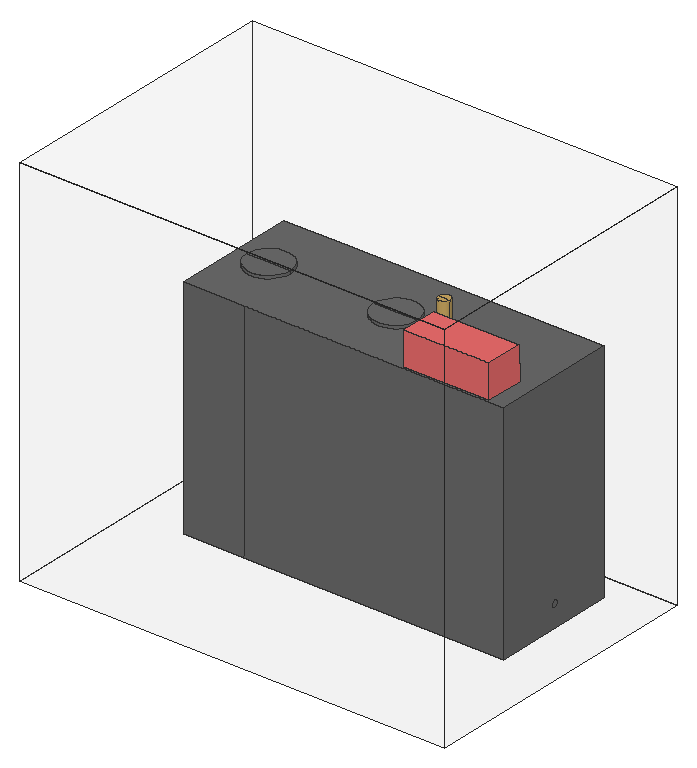
Revit family "Remeha_Gas310EcoPro-355_LOD-3", category Mechanical Equipment, host Face, Revit 2015
Parameters (values of type "Gas 310 Eco Pro - 355")
  Weekly = "0"
  Water Treatment Required = yes
  Water Content = 60.0 L
  Warranty ID = ""
  Voltage = 230 V
  Uniclass2015 = ""
  URL = ""
  Type = "Space heating"
  Turndown Ratio = "5.03:1"
  Supply Phase = 1
  Starting Current = 0 A
  Sound Pressure Level = "56 dBA"
  Shipping Weight = 458.00 kg
  Shape = "Rectangular (Horizontal)"
  Safety Valve Connection Type = "Threaded"
  Safety Valve Connection Size = 40.000 mm
  Responsible Sourcing of Materials = "0"
  Responsible Extraction of Materials = "0"
  Reference Standard = "2009/142 EEC : 92/42/EEC"
  Rated Output = 327000 W
  Rated Criteria = "80/60"
  Quarterly = "0"
  Product Range = "Gas 310 Eco Pro - 355"
  Product Model Number = "90752"
  Product Literature = "https://www.remeha.co.uk/en/Products/Floor-Standing-Range/Gas-310-610-Eco-Pro"
  Primary Fuel = "Gas - NG"
  Overall Width = 716.000 mm
  Overall Length = 1862.000 mm
  Overall Height = 1500.000 mm
  Optional Fuel = "No Optional Fuel"
  Operation and Maintenance Manual = "https://www.remeha.co.uk/en/Products/Floor-Standing-Range/Gas-310-610-Eco-Pro"
  Oil Consumption rate = 0
  Nominal Oil Inlet Pressure = 0.00 bar
  Nominal Gas Inlet Pressure = 0.02 bar
  NOx Emissions = "35 mg/kWh"
  Mounting = "Floor Standing"
  Monthly = "0"
  Model = "Gas 310 Eco Pro - 355"
  Minimum Power Consumption = 6 W
  Minimum Operating Pressure = 0.80 bar
  Minimum Oil Inlet Pressure = 0.00 bar
  Minimum Gas Inlet Pressure = 0.017 bar
  Minimum Flow Rate at 20C temperature differential = 3.91 L/s
  Minimum Flow Rate at 11C temperature differential = 7.11 L/s
  Maximum Power Consumption = 334 W
  Maximum Operating Pressure = 7.00 bar
  Maximum Oil Inlet Pressure = 0.00 bar
  Maximum Gas Inlet Pressure = 0.03 bar
  Material Ingredient Reporting = "0"
  Manufacturer Website = "http://www.remeha.co.uk/"
  Manufacturer = "Remeha Commercial "  # constant formula
  Maintenance Required 8001 to 12000hrs = "0"
  Maintenance Required 601 to 1000hrs = "0"
  Maintenance Required 4001 to 8000hrs = "0"
  Maintenance Required 301 to 600hrs = "0"
  Maintenance Required 2001 to 4000hrs = "0"
  Maintenance Required 1001 to 2000hrs = "0"
  Maintenance Required 0 to 300hrs = "0"
  Location of Manufacturer = "0"
  Life Cycle Analysis = "0"
  Interlocks = yes
  IfcExportType = "NOTDEFINED"  # constant formula
  IfcExportAs = "IfcBoilerType"  # constant formula
  IP Rating = "X1B"
  IK Rating = "0"
  Hydraulic Resistance at 20C temperature differential = 0.11 bar
  Hydraulic Resistance at 11C temperature differential = 0.364 bar
  Heater Operation = "Condensing"
  Heat Exchanger Material = "Aluminium"
  Gross Weight = 458.00 kg
  Green Guide for Specification = "0"
  Gas Consumption rate = "35.2 m3/h"
  Fuse Rating = 10 A
  Full Load Current = 0 A
  Fuel Connection Type = "Threaded"
  Fuel Connection Size = 50.000 mm
  Frequency = 50 Hz
  Flue or Air Intake Classification = "B23, B23P, C33, C53, C63, C83, C93"
  Flue Connection size = 250.000 mm
  Flow and Return Connection Type = "Flanged"
  Flow and Return Connection Size = 80.000 mm
  Finish = "Gloss Grade 70% ISO2813"
  Features = "Remeha's Gas 310 ECO PRO range are compact high efficiency floor standing gas condensing boilers. Ideally suited for single and multiple cascade arrangements for new and refurbishment projects."
  External Material = "Steel"
  Expected Life = "15"
  ErP Seasonal Efficiency = "0 %"
  ErP Rated Efficiency at Part Load = "98.6 %"
  ErP Rated Efficiency at Full Load = "88.3 %"
  ErP Energy Label = "0"
  Environmental Product Declaration = "0"
  Energy Technology List = "https://etl.beis.gov.uk/engetl/fox/live/ETL_PUBLIC_PRODUCT_SEARCH/product?PROD_ID=71166"
  Embodied Carbon = "0"
  Drain Connection Type = "Other"
  Drain Connection Size = 20.000 mm
  Description = ""
  Default Elevation = 0.000 mm  # constant formula
  Daily = "0"
  Control Type = "0 - 10V, Open Therm, Volt free enable, Direct boiler weather compensating control systems available from Remeha as optional extra's."
  Configuration = "Single boiler"
  Condensate Drain Type = "Threaded"
  Condensate Drain Size = 32.000 mm
  Colour = "RAL 2002 Red : RAL 7016 Dark Grey"
  Clearance Box Visibility [instance] = yes
  Classification.Uniclass.Pr.Number [instance] = "Pr_60_60_08_34"
  Classification.Uniclass.Pr.Description [instance] = "Gas fired Condensing Boilers"
  CE Mark = "0063CL3613"
  Burner Control Type = "Modulating"
  Building Regulations Seasonal Efficiency = "96.64 %"
  Bespoke Timeframe = "0"
  BMS Links = yes
  Assembly Code = ""
  Annually = "As Per Attached URL O&M Manual"
  Air Inlet Connection Size = 250.000 mm
  Additional Technical Details = "https://www.remeha.co.uk/en/Products/Floor-Standing-Range/Gas-310-610-Eco-Pro"
  Access Clearance Top = 650.000 mm
  Access Clearance Right = 150.000 mm
  Access Clearance Rear = 300.000 mm
  Access Clearance Left = 800.000 mm
  Access Clearance Front = 800.000 mm
  Access Clearance Bottom = 0.000 mm
  6 Monthly = "0"
Reference planes
  plane 1 "Center (Front/Back)": y = 0
  plane 2: z = 0
  plane 3 "Center (Left/Right)": x = 0
  plane 4: x = -916.5
  plane 5: x = 916.5
  plane 6: y = 358
  plane 7: y = -358
  plane 8: z = 1500
  plane 9: x = -1216.5
  plane 10: x = 1216.5
  plane 11: y = 508
  plane 12: y = -1158
  plane 13: z = 2150
Forms (mm)
  Sweep 1, solid, material "Glass - Clear - Amber", visible <- "Clearance Box Visibility"
    path origin (0, 0, 0) x (1, 0, 0) y (0, 0, 1)
      loop
        line (0, 2150) -> (0, 0)
    profile origin (0, 0, 1075) x (0, -1, 0) y (1, 0, 0)
      loop
        line (-508, -1216.5) -> (1158, -1216.5) -> (1158, 1216.5) -> (-508, 1216.5) -> (-508, -1216.5)
Dimensions and locks
  equal spacing: plane 4, plane 3 "Center (Left/Right)", plane 5
  plane 4 to plane 5 = 1833.000 mm
  equal spacing: plane 7, plane 1 "Center (Front/Back)", plane 6
  plane 7 to plane 6 = 716.000 mm
  plane 8 to level = 1500.000 mm
  plane 9 to plane 4 = 300.000 mm
  plane 5 to plane 10 = 300.000 mm
  plane 11 to plane 6 = 150.000 mm
  plane 12 to plane 7 = 800.000 mm
  plane 13 to plane 8 = 650.000 mm
  nested 1 to level = 1308.201 mm
  equal spacing: plane 6, plane 1 "Center (Front/Back)", plane 7
  aligned and locked: plane 2 to host face
  aligned and locked: level to host face
  aligned and locked: Sweep 1 sketch curve to plane 3 "Center (Left/Right)"
  aligned and locked: plane 13 to Sweep 1 sketch curve
  aligned and locked: level to Sweep 1 sketch curve
  aligned and locked: Sweep 1 sketch curve to plane 11
  aligned and locked: Sweep 1 sketch curve to plane 10
  aligned and locked: plane 9 to Sweep 1 sketch curve
  aligned and locked: Sweep 1 sketch curve to plane 12
  aligned and locked: plane 1 "Center (Front/Back)" to nested 1
  aligned and locked: nested 1 to plane 4
Automatic sketch dimensions
  host sketch curve to host sketch curve = 2438.400 mm  (x2)
Nested families
  nested 1: "Gas 310" at (-154.5, 0, 0), type "Gas 310"
Connectors
  piping at (-918.548, 244.474, 366), diameter 65
    settings: on nested 1, index 3, connector inside diameter 65.000 mm, connector length 0.000 mm, flow factor 0, pipe flow 0 L/s, pressure drop 0.00 bar, fitting loss kfactor 0, connector angle 0.00°, fixture units 0, engagement length 0.000 mm, angle of deflection 0.00°, flow configuration 0, flow direction 2, fitting loss method 0, system type 8, joint type 0, gender type 0, connector reference index -1, connector utility 0, adjustable connector no, is connector primary yes, connector description "Heating Circuit Return"
  piping at (288.352, 0, 1476.07), diameter 65
    settings: on nested 1, index 8, connector inside diameter 65.000 mm, connector length 0.000 mm, flow factor 0, pipe flow 0 L/s, pressure drop 0.00 bar, fitting loss kfactor 0, connector angle 0.00°, fixture units 0, engagement length 0.000 mm, angle of deflection 0.00°, flow configuration 0, flow direction 1, fitting loss method 0, system type 22, joint type 0, gender type 0, connector reference index -1, connector utility 0, adjustable connector no, is connector primary no, connector description "Gas Connection"
  hvac at (9.788, 0, 1308.201)
    settings: on nested 1, index 9, duct flow 0 m³/h, flow factor 0, pres drop 0.00 bar, loss coef 0, conn angle 0.00°, conn width 304.8 mm, conn height 304.8 mm, conn diameter 250 mm, duct sys type 1, conn prof type 0, flow config 0, flow direction 1, loss method 0, conn ref index -1, conn util yes, is conn primary yes, conn desc "Air Intake Connection"
  hvac at (-718.5, 0, 1307.297)
    settings: on nested 1, index 10, duct flow 0 m³/h, flow factor 0, pres drop 0.00 bar, loss coef 0, conn angle 0.00°, conn width 304.8 mm, conn height 304.8 mm, conn diameter 250 mm, duct sys type 2, conn prof type 0, flow config 0, flow direction 2, loss method 0, conn ref index -1, conn util yes, is conn primary no, conn desc "Flue Gas Connection"
  piping at (-918.548, 244.474, 686), diameter 75
    settings: on nested 1, index 11, connector inside diameter 609.600 mm, connector length 0.000 mm, flow factor 0, pipe flow 0 L/s, pressure drop 0.00 bar, fitting loss kfactor 0, connector angle 0.00°, fixture units 0, engagement length 0.000 mm, angle of deflection 0.00°, flow configuration 0, flow direction 0, fitting loss method 0, system type 8, joint type 0, gender type 0, connector reference index -1, connector utility 0, adjustable connector no, is connector primary no, connector description ""
  electrical at (822.284, -240.815, 1388.248)
    settings: on nested 1, index 12, voltage 230 V, apparent load 24 VA, apparent load phase1 0 VA, apparent load phase2 0 VA, apparent load phase3 0 VA, power factor 1, load classification "Power", number of poles 1, system type 30, power factor state 1, is connector primary yes, connector utility yes, sub classification motor yes, connector description "Power"
  piping at (917.294, 0, 128.93), diameter 32
    settings: on nested 1, index 13, connector inside diameter 609.600 mm, connector length 0.000 mm, flow factor 0, pipe flow 0 L/s, pressure drop 0.00 bar, fitting loss kfactor 0, connector angle 0.00°, fixture units 0, engagement length 0.000 mm, angle of deflection 0.00°, flow configuration 0, flow direction 2, fitting loss method 0, system type 16, joint type 0, gender type 0, connector reference index -1, connector utility 1, adjustable connector no, is connector primary no, connector description "Condensates Discharge"
  piping at (-918.548, 244.474, 1023), diameter 80
    settings: on nested 1, index 14, connector inside diameter 609.600 mm, connector length 0.000 mm, flow factor 0, pipe flow 0 L/s, pressure drop 0.00 bar, fitting loss kfactor 0, connector angle 0.00°, fixture units 0, engagement length 0.000 mm, angle of deflection 0.00°, flow configuration 0, flow direction 1, fitting loss method 0, system type 7, joint type 0, gender type 0, connector reference index -1, connector utility 1, adjustable connector no, is connector primary no, connector description "Flow Connection"
Definition of nested family "Gas 310"
  Parameters
    Width A = 1833.000 mm
    Unit = none
    Top Clearance = 400.000 mm  # constant formula
    Text Material = none
    Second Return Pipe Connection_Optional = yes
    Second Return Pipe Connection Visibility = yes
    Return Pipe = 31.750 mm
    Return Connection = none
    Pipe Size = 31.750 mm
    Pipe Material = none
    Side Clearance = 100.000 mm  # constant formula
    Logo = none
    L = 1490.000 mm
    Height = 1500.000 mm  # constant formula
    Handle Offset = (Width A / 2) - 100.000 mm  # 816.500 mm
    Gas Pipe = 31.750 mm
    Gas Connection Pipe = none
    Front Clearance = 700.000 mm  # constant formula
    Door Panel = none
    Depth = 716.000 mm  # constant formula
    Default Elevation = 0.000 mm
    C = 1862.000 mm
    Back Clearnce Note = "300mm refers to singular boiler installations, 600mm refers to modular boiler applications"  # constant formula
    Back Clearnce = 0.000 mm
    B = Width A - 198.000 mm  # 1635.000 mm
    Assembly Code = ""
  Reference planes
    plane 1 "Center (Front/Back)": y = 0
    plane 2: z = 0
    plane 3 "Center (Left/Right)": x = 0
    plane 4: z = 1500
    plane 5: x = 1071
    plane 6: x = -762
    plane 7: y = 358
    plane 8: y = -358
    plane 9: z = 1023
    plane 10: z = 686
    plane 11: z = 366
    plane 12: x = 1081.499
    plane 13: x = -857.948
    plane 14: y = 244.474
    plane 15: z = 447
    plane 16: z = 686
    plane 17: x = -721.476
    plane 18: x = -282.886
    plane 19: x = 385.059
    plane 20: y = -233.136
    plane 21: y = 242.974
    plane 22: x = 813.64
    plane 23: z = 1192.297
    plane 24: x = 717.992
    plane 25: z = 128.93
  Forms (mm)
    Extrusion 1, solid, material <- "Door Panel"
      sketch origin (0, 0, 0) x (1, 0, 0) y (0, 1, 0)
        loop
          line (-419, 358) -> (-762, 358) -> (-762, -358) -> (-419, -358) -> (1071, -358) -> (1071, 358) -> (-419, 358)
      from 0 to 1292.297
    Revolve 2, solid, material <- "Door Panel"
      sketch origin (0, 0, 0) x (1, 0, 0) y (0, 0, 1)
        loop
          line (164.288, 1308.201) -> (39.288, 1308.201) -> (39.288, 1292.297) -> (164.288, 1292.297) -> (164.288, 1308.201)
        axis (164.288, 1292.297) -> (164.288, 1308.201)
      angle from 0 to 360
    Extrusion 3, solid, material <- "Pipe Material"
      sketch origin (0, 0, 0) x (0, -1, 0) y (0, 0, -1)
        loop
          line (130.701, -1292.297) -> (137.402, -1484.199) -> (347.579, -1484.199) -> (347.579, -1292.297) -> (130.701, -1292.297)
      from 489.053 to 976.784
    Revolve 4, solid, material <- "Gas Connection Pipe"
      sketch origin (0, 0, 0) x (1, 0, 0) y (0, 0, 1)
        loop
          line (442.852, 1292.297) -> (442.852, 1476.07) -> (410.352, 1476.07) -> (410.352, 1292.297) -> (442.852, 1292.297)
        axis (442.852, 1476.07) -> (442.852, 1292.297)
      angle from 0 to 360
    Revolve 5, solid, material <- "Pipe Material"
      sketch origin (0, 244.474, 1121.658) x (0, 0, 1) y (-1, 0, 0)
        loop
          line (-138.658, 762) -> (-98.658, 762) -> (-98.658, 764.048) -> (-138.658, 764.048) -> (-138.658, 762)
        axis (-98.658, 764.048) -> (-98.658, 762)
      angle from 0 to 360
    Revolve 6, solid, material <- "Return Connection"
      sketch origin (0, 244.474, 784.658) x (0, 0, 1) y (-1, 0, 0)
        loop
          line (-451.158, 764.048) -> (-451.158, 762) -> (-418.658, 762) -> (-418.658, 764.048) -> (-451.158, 764.048)
        axis (-418.658, 764.048) -> (-418.658, 762)
      angle from 0 to 360
    Sweep 7, solid, material <- "Pipe Material"
      path origin (0, 244.474, 1121.658) x (0, 0, 1) y (-1, 0, 0)
        loop
          line (-435.658, 764.048) -> (-435.658, 762)
      profile origin (-763.024, 244.474, 686) x (0, 0, 1) y (0, -1, 0)
        loop
          circle (0, 0) r 37.5
    Extrusion 8, solid, material <- "Door Panel"
      sketch origin (0, 0, 0) x (0, 1, 0) y (0, 0, 1)
        loop
          circle (0, 128.93) r 16
      from 1071 to 1071.794
  Cuts and joins
    joined: Extrusion 1, Revolve 2, Extrusion 8
    joined: Extrusion 3, Revolve 5, Sweep 7
  Dimensions and locks
    "Height": plane 4 to level
    "Width A": plane 6 to plane 5
    equal spacing: plane 7, plane 1 "Center (Front/Back)", plane 8
    "Depth": plane 7 to plane 8
    locked: plane 9 to level at 1023
    locked: plane 10 to level at 686
    locked: plane 11 to level at 366
    plane 10 to plane 11 = 320.000 mm
    locked: plane 7 to plane 14 at 113.526
    "B": nested 1 to plane 5
    locked: plane 15 to level at 447
    "L": Extrusion 1 sketch curve to plane 5  (x2)
    locked: plane 11 to plane 16 at 320
    plane 11 to level = 366.000 mm
    locked: plane 6 to plane 18 at 479.114
    locked: plane 5 to plane 19 at 685.941
    locked: plane 14 to plane 21 at 1.5
    locked: plane 20 to plane 8 at 124.864
    locked: plane 5 to plane 22 at 257.36
    locked: plane 5 to plane 24 at 353.008
    plane 6 to plane 3 "Center (Left/Right)" to plane 5 = 762.000 mm, 1071.000 mm
    plane 25 to level = 128.930 mm
    radius of Extrusion 8 sketch curve = 16.000 mm
    aligned and locked: plane 2 to level
    aligned and locked: plane 1 "Center (Front/Back)" to nested 1
    aligned: cut or joined group of Extrusion 3, Revolve 5, Sweep 7 to cut or joined group of Extrusion 3, Revolve 5, Sweep 7
    aligned and locked: Extrusion 1 sketch curve to plane 6
    aligned and locked: Revolve 5 sketch curve to plane 9
    aligned and locked: Revolve 6 sketch curve to plane 11
    aligned and locked: Sweep 7 sketch curve to plane 16
    aligned and locked: Extrusion 1 to level
    aligned and locked: Extrusion 8 to plane 5
    aligned and locked: Extrusion 1 sketch curve to plane 7
    aligned and locked: Revolve 6 sketch curve to cut or joined group of Extrusion 3, Revolve 5, Sweep 7
    aligned and locked: cut or joined group of Extrusion 1, Revolve 2, Extrusion 8 to Revolve 6 sketch curve
    aligned and locked: Revolve 5 sketch curve to plane 6
    aligned and locked: cut or joined group of Extrusion 1, Revolve 2, Extrusion 8 to nested 1
  Automatic sketch dimensions
    plane 3 "Center (Left/Right)" to Revolve 2 sketch curve = 39.288 mm
    Revolve 2 sketch curve to Revolve 2 sketch curve = 125.000 mm
    plane 23 to Revolve 2 sketch curve = 100.000 mm
    Revolve 2 sketch curve to Revolve 2 sketch curve = 15.903 mm
    Revolve 2 sketch curve to Revolve 2 sketch curve = 0.000 mm
    Revolve 2 sketch curve to Revolve 2 sketch curve = 7.571 mm
    Revolve 2 sketch curve to Revolve 2 sketch curve = 21.668 mm
    Extrusion 3 sketch curve to plane 20 = 95.734 mm
    Extrusion 3 sketch curve to plane 8 = 10.421 mm
    Extrusion 3 sketch curve to plane 4 = 15.801 mm
    plane 23 to Extrusion 3 sketch curve = 100.000 mm
    plane 19 to Revolve 4 sketch curve = 25.293 mm
    Revolve 4 sketch curve to Revolve 4 sketch curve = 32.500 mm
    plane 23 to Revolve 4 sketch curve = 100.000 mm
    Revolve 4 sketch curve to plane 4 = 23.930 mm
    Revolve 4 sketch curve to Revolve 4 sketch curve = 0.000 mm  (x3)
    Revolve 6 sketch curve to plane 11 = 0.000 mm
    plane 11 to Revolve 6 sketch curve = 32.500 mm
    plane 6 to Revolve 6 sketch curve = 21.000 mm
    plane 13 to Revolve 6 sketch curve = 10.948 mm
    Sweep 7 sketch curve to plane 14 = 0.000 mm
    profile plane to Sweep 7 sketch curve = 0.000 mm
    Extrusion 3 sketch curve to plane 20 = 102.436 mm
    Extrusion 8 sketch curve to plane 1 "Center (Front/Back)" = 0.000 mm
    Extrusion 8 sketch curve to plane 25 = 0.000 mm
    Revolve 5 sketch curve to plane 9 = 0.000 mm
    plane 9 to Revolve 5 sketch curve = 40.000 mm
    plane 13 to Revolve 5 sketch curve = 10.948 mm
    plane 6 to Revolve 5 sketch curve = 21.000 mm
    plane 6 to Sweep 7 sketch curve = 2.048 mm
    plane 6 to Sweep 7 sketch curve = 0.000 mm
    plane 6 to Revolve 5 sketch curve = 2.048 mm
    plane 8 to Extrusion 1 sketch curve = 0.000 mm  (x2)
    Extrusion 1 sketch curve to plane 5 = 0.000 mm
    Extrusion 1 sketch curve to Extrusion 1 sketch curve = 0.000 mm
    radius of Sweep 7 sketch curve = 37.500 mm
  Nested families
    nested 1: "Flue Gas Discharge Pipe" at (-564, 0, 1292.297), type "Flue Gas Discharge Pipe"
  Definition of nested family "Flue Gas Discharge Pipe"
    Parameters
      Unit = none
      Assembly Code = ""
    Reference planes
      plane 1 "Center (Front/Back)": y = 0
      plane 2: z = 0
      plane 3 "Center (Left/Right)": x = 0
    Forms (mm)
      Revolve 1, solid, material <- "Unit"
        sketch origin (-164.288, 0, -1184.172) x (1, 0, 0) y (0, 0, 1)
          loop
            line (39.579, 1199.172) -> (39.448, 1184.172) -> (164.288, 1184.172) -> (164.288, 1199.172) -> (39.579, 1199.172)
          axis (164.288, 1184.172) -> (164.288, 1199.172)
        angle from 0 to 360
    Dimensions and locks
      aligned and locked: level to plane 2
      aligned and locked: Revolve 1 sketch curve to plane 3 "Center (Left/Right)"
      aligned and locked: level to Revolve 1 sketch curve
